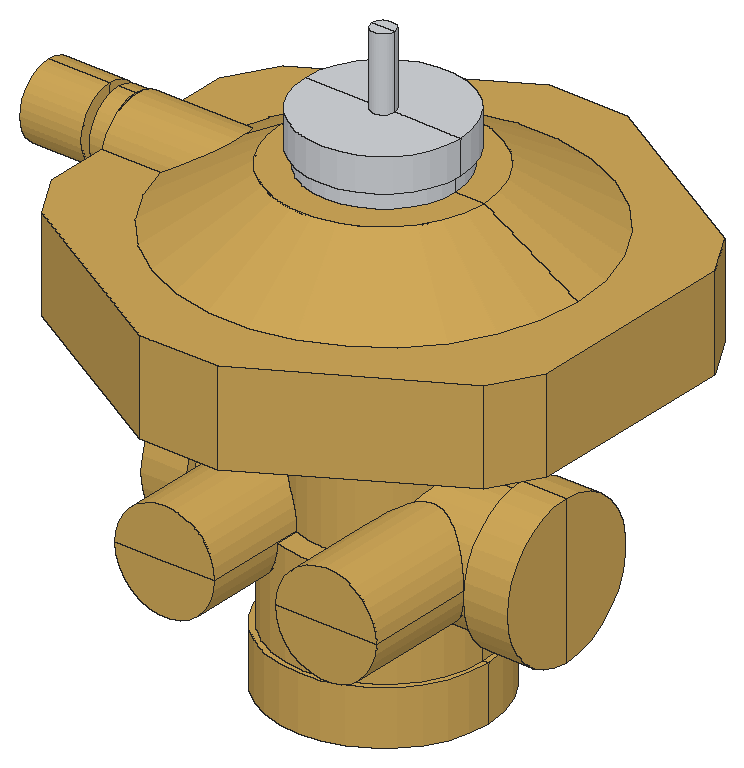
Revit family "Differential Pressure Control Valve 4002 FIX TS 23kPa", category Rohrzubehör, Revit 2018
Family settings
  Bemaßung runder Anschluss = Durchmesser verwenden
  Teiletyp = Unterbricht
  OmniClass-Nummer = 23.65.55.14
  OmniClass-Titel = Valves for Liquid Services
  Arbeitsebenenbasiert = Nein
  Immer vertikal = Ja
  Beim Laden mit Abzugskörper schneiden = Nein
  Gemeinsam genutzt = Nein
Parameters (values of type "without insulation")
  y2 [instance] = K14 + K9 + H01  # 45.649 mm
  y1 [instance] = (R03 * 2) + R05  # 66.000 mm
  k25 = 9.000 mm
  k24 = 13.000 mm
  k23 = 6.000 mm
  k22 = 22.000 mm
  k21 = 13.000 mm
  k20 = 14.000 mm
  k19 = 2.000 mm
  Model = "The differential pressure controller is a straight-version linear controller and works without auxiliary\r\npower. The fixed nominal differential pressure is 23 kPa.\r\nA capillary (1000 mm) is included and should be connected to the circuit regulating valve in the supply line."
  Min. operating temperature (anti freeze) = -20 °C  # constant formula
  Max. operating temperature up to DN32 = 130 °C  # constant formula
  Max. operating temperature from DN40 = 110 °C  # constant formula
  Max. differential pressure on the body = 400000.0 Pa  # constant formula
  Max. operating pressure = 1600000.0 Pa  # constant formula
  Valve shaft = "stainless steel 14301"  # constant formula
  VRL01 [instance] = 30.000 mm  # constant formula
  V12 = 17.000 mm  # constant formula
  V10 = 16.000 mm  # constant formula
  V09 [instance] = 11.000 mm  # constant formula
  V08 [instance] = G01 + 3.000 mm  # 16.220 mm
  V03 [instance] = G01 + 5.000 mm  # 18.220 mm
  V02 [instance] = V01 + 4.500 mm  # 12.000 mm
  V01 [instance] = Nennweite / 2  # 7.500 mm
  URL = "www.herzvalves.com"
  SCRNSEQ = "ARM;ARM_TYP=\"DIFR\";2"
  SCRNCODE = "05;03;4"  # constant formula
  S07 = 10.000 mm  # constant formula
  S05 [instance] = S01 - 1.000 mm  # 13.850 mm
  S04 [instance] = S02 - 1.000 mm  # 18.000 mm
  S03 [instance] = size_lookup("4002_FIX_TS_23", "S03", 26.500 mm, Nennweite)  # 25.600 mm
  S02 [instance] = size_lookup("4002_FIX_TS_23", "S02", 19.000 mm, Nennweite)  # 19.000 mm
  S01 [instance] = size_lookup("4002_FIX_TS_23", "S01", 14.850 mm, Nennweite)  # 14.850 mm
  Regulator connection nut = "brass CW614N"  # constant formula
  Control range = "FIX 23kPa"  # constant formula
  R06 [instance] = size_lookup("4002_FIX_TS_23", "R06", 14.500 mm, Nennweite)  # 14.500 mm
  R05 [instance] = size_lookup("4002_FIX_TS_23", "R05", 41.000 mm, Nennweite)  # 50.000 mm
  R04 [instance] = size_lookup("4002_FIX_TS_23", "R04", 12.500 mm, Nennweite)  # 12.500 mm
  R03 [instance] = size_lookup("4002_FIX_TS_23", "R03", 8.000 mm, Nennweite)  # 8.000 mm
  R02 = 14.500 mm  # constant formula
  R01 [instance] = size_lookup("4002_FIX_TS_23", "R01", 11.500 mm, Nennweite)  # 11.500 mm
  Min. operating temperature (pure water) = 2 °C  # constant formula
  O-Rings = "EPDM"  # constant formula
  Nennweite [instance] = 15.000 mm
  Membrane body = "brass CW602N"  # constant formula
  Membrane = "EPDM"  # constant formula
  Medium = "Water purity in accordance with the ÖNORM H 5195 and VDI 2035 standards.\r\nEthylene and propylene glycol can be mixed to a ratio of 25 - 50 vol. [%]"
  L07 [instance] = size_lookup("4002_FIX_TS_23", "L07", 33.000 mm, Nennweite)  # 33.000 mm
  L06 = 7.000 mm  # constant formula
  L [instance] = size_lookup("4002_FIX_TS_23", "L", 66.000 mm, Nennweite)  # 66.000 mm
  K9 = 4.000 mm  # constant formula
  K8 = 55.000 mm  # constant formula
  K7 = 8.700 mm  # constant formula
  K6 = 11.700 mm  # constant formula
  K5 = 13.000 mm  # constant formula
  K4 = 12.000 mm  # constant formula
  K3 = 15.000 mm  # constant formula
  K2 = 2.350 mm  # constant formula
  K18 = 89.000 mm  # constant formula
  K17 = 66.700 mm  # constant formula
  K16 = 3.000 mm  # constant formula
  K15 = 26.649 mm  # constant formula
  K14 = 16.649 mm  # constant formula
  K13 = 16.649 mm  # constant formula
  K12 = 10.000 mm  # constant formula
  K11 = 35.000 mm  # constant formula
  K10 = 18.250 mm  # constant formula
  K1.1 = 2.350 mm  # constant formula
  K1 = 7.651 mm - 1.000 mm  # 6.651 mm
  J9 = 15.700 mm  # constant formula
  J8 = 7.850 mm  # constant formula
  J7 = 15.897 mm  # constant formula
  J6 = 3.900 mm  # constant formula
  J5 = 6.500 mm  # constant formula
  J4 = 1.500 mm  # constant formula
  J3 = 3.200 mm  # constant formula
  J2 = 11.000 mm  # constant formula
  J11 = 3.500 mm  # constant formula
  J10 = 18.897 mm  # constant formula
  J1 = 6.500 mm  # constant formula
  Hersteller = "HERZ-Armaturen Ges.m.b.H"  # constant formula
  H2 [instance] = size_lookup("4002_FIX_TS_23", "H2", 28.000 mm, Nennweite)  # 28.000 mm
  H1 [instance] = K1 + K2 + K3 + K4 + K5 + K7 + K8 + K16 + 16.650 mm  # 132.351 mm
  H04 = 4.000 mm  # constant formula
  H03 = 9.800 mm  # constant formula
  H02 [instance] = size_lookup("4002_FIX_TS_23", "H02", 53.000 mm, Nennweite)  # 53.000 mm
  H01 [instance] = size_lookup("4002_FIX_TS_23", "H01", 25.000 mm, Nennweite)  # 25.000 mm
  Body = "DZR brass CC770S"  # constant formula
  G01 [instance] = size_lookup("4002_FIX_TS_23", "G01", 13.220 mm, Nennweite)  # 13.220 mm
  Materials = "Ammonia contained in hemp can damage brass valve bodies, EPDM gaskets can be affected by\r\nmineral oil lubricants and thus lead to failure of the EPDM seals. Please refer to manufacturers\r\ndocumentation when using ethylene glycol products for frost and corrosion protection."
  Dämmung = no
  Insulation shell = "EPP (expanded polypropylen)"  # constant formula
  Compression spring = "spring steel, rust and acid persistent"  # constant formula
  DN50 [instance] = Nennweite = 50.000 mm  # no
  DN40 [instance] = Nennweite = 40.000 mm  # no
  DN32-40 [instance] = or(Nennweite = 32.000 mm, Nennweite = 40.000 mm)  # no
  DN32 [instance] = Nennweite = 32.000 mm  # no
  DN25 [instance] = Nennweite = 25.000 mm  # no
  DN20 [instance] = Nennweite = 20.000 mm  # no
  DN15-25 [instance] = or(Nennweite = 15.000 mm, Nennweite = 20.000 mm, Nennweite = 25.000 mm)  # yes
  DN15,20,25,32,50 [instance] = or(Nennweite = 15.000 mm, Nennweite = 20.000 mm, Nennweite = 25.000 mm, Nennweite = 32.000 mm, Nennweite = 50.000 mm)  # yes
  DN15 [instance] = Nennweite = 15.000 mm  # yes
  D07 [instance] = if(Nennweite = 15.000 mm, 32.000 mm, if(Nennweite = 20.000 mm, 33.000 mm, if(Nennweite = 25.000 mm, 33.000 mm, if(Nennweite = 32.000 mm, 49.000 mm, if(Nennweite = 40.000 mm, 57.560 mm, if(Nennweite = 50.000 mm, 57.560 mm, 0.000 mm))))))  # 32.000 mm
  D06 [instance] = if(Nennweite = 15.000 mm, 32.000 mm, if(Nennweite = 20.000 mm, 33.000 mm, if(Nennweite = 25.000 mm, 33.000 mm, if(Nennweite = 32.000 mm, 49.000 mm, if(Nennweite = 40.000 mm, 57.560 mm, if(Nennweite = 50.000 mm, 57.560 mm, 0.000 mm))))))  # 32.000 mm
  D05 [instance] = if(Nennweite = 15.000 mm, 36.750 mm, if(Nennweite = 20.000 mm, 40.700 mm, if(Nennweite = 25.000 mm, 49.200 mm, if(Nennweite = 32.000 mm, 54.150 mm, if(Nennweite = 40.000 mm, 60.750 mm, if(Nennweite = 50.000 mm, 72.700 mm, 0.000 mm))))))  # 36.750 mm
  D04 [instance] = if(Nennweite = 15.000 mm, 78.500 mm, if(Nennweite = 20.000 mm, 82.000 mm, if(Nennweite = 25.000 mm, 84.000 mm, if(Nennweite = 32.000 mm, 120.000 mm, if(Nennweite = 40.000 mm, 130.000 mm, if(Nennweite = 50.000 mm, 130.500 mm, 0.000 mm))))))  # 78.500 mm
  D03 [instance] = if(Nennweite = 15.000 mm, 96.000 mm, if(Nennweite = 20.000 mm, 110.000 mm, if(Nennweite = 25.000 mm, 112.000 mm, if(Nennweite = 32.000 mm, 152.000 mm, if(Nennweite = 40.000 mm, 170.000 mm, if(Nennweite = 50.000 mm, 179.000 mm, 0.000 mm))))))  # 96.000 mm
  D02 [instance] = size_lookup("4002_FIX_TS_23", "R05", 41.000 mm, Nennweite)  # 50.000 mm
  D01 [instance] = size_lookup("4002_FIX_TS_23", "G01", 13.220 mm, Nennweite)  # 13.220 mm
  Bestellnummer Dämmung [instance] = if(and(Dämmung, Nennweite = 15.000 mm), 1409611, if(and(Dämmung, Nennweite = 20.000 mm), 1409612, if(and(Dämmung, Nennweite = 25.000 mm), 1409613, if(and(Dämmung, Nennweite = 32.000 mm), 1409614, if(and(Dämmung, Nennweite = 40.000 mm), 1409615, if(and(Dämmung, Nennweite = 50.000 mm), 1409616, 0))))))  # 0
  Bestellnummer [instance] = size_lookup("4002_FIX_TS_23", "Artnr", 0, Nennweite)  # 1400281
  B2 [instance] = size_lookup("4002_FIX_TS_23", "B2", 31.000 mm, Nennweite)  # 31.000 mm
  B1 [instance] = size_lookup("4002_FIX_TS_23", "B1", 26.000 mm, Nennweite)  # 26.000 mm
  B04 = 100.649 mm  # constant formula
  B03 = 44.500 mm  # constant formula
  B02 = 104.688 mm  # constant formula
  B01 = 10.000 mm  # constant formula
  Application = "Differential pressure controllers are used to stabilize the differential pressure in heating and cooling circuits and ensure the\r\nindependence of the loads from dynamic pressure fluctuations in the system."
  Connection nipple = "brass CW602N"  # constant formula
  Connection thread for the drive = "brass CW602N"  # constant formula
Types (3, lengths in mm): name | y2 | y1 | Model | V08 | V03 | V02 | V01 | S05 | S04 | S03 | S02 | S01 | R05 | R04 | R03 | R01 | Nennweite | Medium | L07 | L | H2 | H02 | H01 | G01 | Materials | Dämmung | DN50 | DN15-25 | DN15 | D07 | D06 | D05 | D04 | D03 | D02 | D01 | Bestellnummer Dämmung | Bestellnummer | B2 | B1
  (no name) | 45.649 | 66.000 | "The differential pressure controller is a straight-version linear controller and works without auxiliary\r\npower. The fixed nominal differential pressure is 23 kPa.\r\nA capillary (1000 mm) is included and should be connected to the circuit regulating valve in the supply line." | 16.220 | 18.220 | 12.000 | 7.500 | 13.850 | 18.000 | 25.600 | 19.000 | 14.850 | 50.000 | 12.500 | 8.000 | 11.500 | 15.000 | "Water purity in accordance with the ÖNORM H 5195 and VDI 2035 standards.\r\nEthylene and propylene glycol can be mixed to a ratio of 25 - 50 vol. [%]" | 33.000 | 66.000 | 28.000 | 53.000 | 25.000 | 13.220 | "Ammonia contained in hemp can damage brass valve bodies, EPDM gaskets can be affected by\r\nmineral oil lubricants and thus lead to failure of the EPDM seals. Please refer to manufacturers\r\ndocumentation when using ethylene glycol products for frost and corrosion protection." | no | no | yes | yes | 32.000 | 32.000 | 36.750 | 78.500 | 96.000 | 50.000 | 13.220 | 0 | 1400281 | 31.000 | 26.000
  with insulation | 72.649 | 140.000 | "The differential pressure controller is a straight-version linear controller and works without auxiliary\r\npower. The fixed nominal differential pressure is 23 kPa.\r\nA capillary (1000 mm) is included and should be connected to the circuit regulating valve in the\r\nflow." | 38.000 | 40.000 | 29.500 | 25.000 | 25.000 | 27.000 | 37.700 | 28.000 | 26.000 | 104.000 | 14.500 | 18.000 | 37.600 | 50.000 | "Water purity in accordance with the ÖNORM H 5195 and VDI 2035 standards\r\nEthylene and propylene glycol can be mixed to a ratio of 25 - 50 vol. [%]" | 70.000 | 140.000 | 58.000 | 107.000 | 52.000 | 35.000 | "Ammonia contained in hemp can damage brass valve bodies, EPDM gaskets can be affected by\r\nMineral oils lubricants and thus lead to failure of the EPDM seals. Please refer to manufacturers\r\ndocumentation when using ethylene glycol products for frost and corrosion protection." | yes | yes | no | no | 57.560 | 57.560 | 72.700 | 130.500 | 179.000 | 104.000 | 35.000 | 1409616 | 1400286 | 41.000 | 41.000
  without insulation | 45.649 | 66.000 | "The differential pressure controller is a straight-version linear controller and works without auxiliary\r\npower. The fixed nominal differential pressure is 23 kPa.\r\nA capillary (1000 mm) is included and should be connected to the circuit regulating valve in the supply line." | 16.220 | 18.220 | 12.000 | 7.500 | 13.850 | 18.000 | 25.600 | 19.000 | 14.850 | 50.000 | 12.500 | 8.000 | 11.500 | 15.000 | "Water purity in accordance with the ÖNORM H 5195 and VDI 2035 standards.\r\nEthylene and propylene glycol can be mixed to a ratio of 25 - 50 vol. [%]" | 33.000 | 66.000 | 28.000 | 53.000 | 25.000 | 13.220 | "Ammonia contained in hemp can damage brass valve bodies, EPDM gaskets can be affected by\r\nmineral oil lubricants and thus lead to failure of the EPDM seals. Please refer to manufacturers\r\ndocumentation when using ethylene glycol products for frost and corrosion protection." | no | no | yes | yes | 32.000 | 32.000 | 36.750 | 78.500 | 96.000 | 50.000 | 13.220 | 0 | 1400281 | 31.000 | 26.000
Reference planes
  plane 1 "Mitte (Vorne/hinten)": y = 0
  plane 2: z = 0
  plane 3 "Mitte (Links/rechts)": x = 0
Forms (mm)
  Revolve 1, solid, material "Messing, weicher Gelbton, geschweißt", detail levels fine
    sketch origin (0, 0, 0) x (1, 0, 0) y (0, 0, 1)
      loop
        line (-33, 0) -> (33, 0) -> (33, 13.22) -> (25, 13.22) -> (25, 11.5) -> (-25, 11.5) -> (-25, 13.22) -> (-33, 13.22) -> (-33, 0)
      axis (-33, 0) -> (33, 0)
    angle from 0 to 360
  Revolve 2, solid, material "Messing, weicher Gelbton, geschweißt", detail levels fine
    sketch origin (0, 0, 0) x (1, 0, 0) y (0, 0, 1)
      loop
        line (0, -28) -> (0, 0) -> (-18, 0) -> (-18, -18.2) -> (-19, -18.2) -> (-19, -28) -> (0, -28)
      axis (0, 0) -> (0, -28)
    angle from 0 to 360
  Extrusion 3, solid, material "Messing, weicher Gelbton, geschweißt", detail levels fine
    sketch origin (0, 0, 0) x (0, -1, 0) y (1, 0, 0)
      loop
        line (-46, -7.038) -> (-27.114, -39.75) -> (-18.886, -44.5) -> (18.886, -44.5) -> (27.114, -39.75) -> (46, -7.038) -> (46, 7.038) -> (27.114, 39.75) -> (18.886, 44.5) -> (-18.886, 44.5) -> (-27.114, 39.75) -> (-46, 7.038) -> (-46, -7.038)
    from 29 to 45.649
  Revolve 4, solid, material "Messing, weicher Gelbton, geschweißt", detail levels fine
    sketch origin (0, 0, -7.051) x (1, 0, 0) y (0, 0, 1)
      loop
        line (0, 52.7) -> (0, 62.7) -> (-18.25, 62.7) -> (-35, 52.7) -> (0, 52.7)
      axis (0, 62.7) -> (0, 52.7)
    angle from 0 to 360
  Revolve 5, solid, material "Messing, weicher Gelbton, geschweißt", visible <- "DN15-25", detail levels fine
    sketch origin (-11, 0, 0) x (1, 0, 0) y (0, 1, 0)
      loop
        line (-1.5, 26) -> (-9.2, 26) -> (-9.2, 0) -> (-1.5, 0) -> (-1.5, 26)
      axis (-1.5, 0) -> (-1.5, 26)
    angle from 0 to 360
  Revolve 6, solid, material "Messing, weicher Gelbton, geschweißt", detail levels fine
    sketch origin (-0.988, 0, -6.853) x (-1, 0, 0) y (0, 0, 1)
      loop
        line (43.5, 51.75) -> (59.2, 51.75) -> (59.2, 58.25) -> (48.2, 58.25) -> (48.2, 55.65) -> (46.7, 55.65) -> (46.7, 58.25) -> (43.5, 58.25) -> (43.5, 51.75)
      axis (43.5, 51.75) -> (59.2, 51.75)
    angle from 0 to 360
  Extrusion 7, solid, material "Messing, weicher Gelbton, geschweißt", detail levels fine
    sketch origin (0, 0, 0) x (0, 1, 0) y (0, 0, -1)
      loop
        line (7.85, -43.547) -> (7.85, -32.5) -> (-7.85, -32.5) -> (-7.85, -43.547)
        arc (-7.85, -43.547) -> (0, -51.397) -> (7.85, -43.547) r 7.85
    from 0 to 44.5
  Revolve 8, solid, material "Messing, weicher Gelbton, geschweißt", visible <- "DN15-25", detail levels fine
    sketch origin (-2, 0, 0) x (1, 0, 0) y (0, 1, 0)
      loop
        line (-12.5, 0) -> (-21.5, 0) -> (-21.5, -31) -> (-12.5, -31) -> (-12.5, 0)
      axis (-12.5, 0) -> (-12.5, -31)
    angle from 0 to 360
  Revolve 9, solid, material "Messing, weicher Gelbton, geschweißt", visible <- "DN15-25", detail levels fine
    sketch origin (2, 0, 0) x (1, 0, 0) y (0, 1, 0)
      loop
        line (12.5, 0) -> (12.5, -31) -> (21.6, -31) -> (21.6, 0) -> (12.5, 0)
      axis (12.5, 0) -> (12.5, -31)
    angle from 0 to 360
  Extrusion 10, solid, material "Messing, weicher Gelbton, geschweißt", visible <- "DN32", detail levels fine
    sketch origin (-31.5, 0, 0) x (1, 0, 0) y (0, 1, 0)
      loop
        circle (63, 0) r 6.578
      loop
        circle (63, 0) r 3.28
    from -47 to 0
  Extrusion 11, solid, material "Messing, weicher Gelbton, geschweißt", visible <- "DN32", detail levels fine
    sketch origin (31.5, 0, 0) x (-1, 0, 0) y (0, -1, 0)
      loop
        circle (63, 0) r 6.578
      loop
        circle (63, 0) r 3.28
    from -47 to 0
  Revolve 12, solid, material "Messing, weicher Gelbton, geschweißt", detail levels fine
    sketch origin (0, 0, 0) x (1, 0, 0) y (0, 0, 1)
      loop
        line (-13.85, 0) -> (0, 0) -> (0, 29) -> (-9.85, 29) -> (-9.85, 25) -> (-14.85, 25) -> (-14.85, 15.2) -> (-13.85, 15.2) -> (-13.85, 0)
      axis (0, 29) -> (0, 0)
    angle from 0 to 360
  Extrusion 13, solid, material "Messing, weicher Gelbton, geschweißt", visible <- "DN40", detail levels fine
    sketch origin (29.382, 0, 0) x (-1, 0, 0) y (0, -1, 0)
      loop
        circle (63, 0) r 6.578
      loop
        circle (63, 0) r 3.28
    from -58 to 0
  Extrusion 14, solid, material "Messing, weicher Gelbton, geschweißt", visible <- "DN40", detail levels fine
    sketch origin (-29.455, 0, 0) x (1, 0, 0) y (0, 1, 0)
      loop
        circle (63, 0) r 6.578
      loop
        circle (63, 0) r 3.28
    from -58 to 0
  Extrusion 15, solid, material "Messing, weicher Gelbton, geschweißt", visible <- "DN50", detail levels fine
    sketch origin (28.422, 0, 0) x (-1, 0, 0) y (0, -1, 0)
      loop
        circle (63, 0) r 6.578
      loop
        circle (63, 0) r 3.28
    from -58 to 0
  Extrusion 16, solid, material "Messing, weicher Gelbton, geschweißt", visible <- "DN50", detail levels fine
    sketch origin (-28.422, 0, 0) x (1, 0, 0) y (0, 1, 0)
      loop
        circle (63, 0) r 6.578
      loop
        circle (63, 0) r 3.28
    from -58 to 0
  Revolve 17, solid, material "Messing, weicher Gelbton, geschweißt", visible <- "DN32-40", detail levels fine
    sketch origin (-11, 0, 0) x (1, 0, 0) y (0, 1, 0)
      loop
        line (-1.5, -26) -> (-1.5, 0) -> (-9.2, 0) -> (-9.2, -26) -> (-1.5, -26)
      axis (-1.5, 0) -> (-1.5, -26)
    angle from 0 to 360
  Revolve 18, solid, material "Messing, weicher Gelbton, geschweißt", not visible, detail levels fine
    sketch origin (10.652, 0, 0) x (-1, 0, 0) y (0, 0, 1)
      loop
        line (43.652, 0) -> (73.652, 0) -> (73.652, 7.5) -> (56.652, 7.5) -> (56.652, 12) -> (47.652, 12) -> (47.652, 18.22) -> (40.652, 18.22) -> (40.652, 16.22) -> (35.652, 16.22) -> (35.652, 13.22) -> (43.652, 13.22) -> (43.652, 0)
      axis (35.652, 0) -> (73.652, 0)
    angle from 0 to 360
  Revolve 19, solid, material "Messing, weicher Gelbton, geschweißt", not visible, detail levels fine
    sketch origin (-9.448, 0, 0) x (1, 0, 0) y (0, 0, 1)
      loop
        line (42.448, 0) -> (72.448, 0) -> (72.448, 7.5) -> (55.448, 7.5) -> (55.448, 12) -> (46.448, 12) -> (46.448, 18.22) -> (39.448, 18.22) -> (39.448, 16.22) -> (34.448, 16.22) -> (34.448, 13.22) -> (42.448, 13.22) -> (42.448, 0)
      axis (34.448, 0) -> (72.448, 0)
    angle from 0 to 360
  Revolve 20, solid, detail levels fine
    sketch origin (0, 0, 0) x (1, 0, 0) y (0, 0, 1)
      loop
        line (0, 55.649) -> (0, 77.649) -> (-2, 77.649) -> (-2, 64.649) -> (-14, 64.649) -> (-14, 58.649) -> (-13, 58.649) -> (-13, 55.649) -> (0, 55.649)
      axis (0, 77.649) -> (0, 55.649)
    angle from 0 to 360
  Revolve 21, solid, material "Kunststoff-Anthrazit/Schwarz", visible <- "Dämmung", detail levels fine
    sketch origin (0, 0, 0) x (1, 0, 0) y (0, 0, 1)
      loop
        line (48, 32) -> (-48, 32) -> (-48, 13.22) -> (-25, 13.22) -> (-25, 0) -> (0, 0) -> (25, 0) -> (25, 13.22) -> (48, 13.22) -> (48, 32)
      axis (-48, 0) -> (48, 0)
    angle from 0 to 360
  Revolve 22, solid, material "Kunststoff-Anthrazit/Schwarz", visible <- "Dämmung", detail levels fine
    sketch origin (0, 0, 0) x (1, 0, 0) y (0, 0, 1)
      loop
        line (0, -46.5) -> (36.75, -46.5) -> (36.75, 32) -> (0, 32) -> (0, -46.5)
      axis (0, 32) -> (0, -46.5)
    angle from 0 to 360
  Extrusion 23, void
    sketch origin (-283.267, -47.5, 0) x (1, 0, 0) y (0, 1, 0)
      loop
        line (192.065, -46.754) -> (378.267, -46.754) -> (378.267, 136.9) -> (192.065, 136.9) -> (192.065, -46.754)
    from 29 to 45.649
  Extrusion 24, void
    sketch origin (-265.832, -47.5, 0) x (1, 0, 0) y (0, 1, 0)
      loop
        line (148.665, -27.107) -> (383, -27.107) -> (383, 142.5) -> (148.665, 142.5) -> (148.665, -27.107)
    from 29 to 45.649
Cuts and joins
  Extrusion 23 cuts Revolve 21
  Extrusion 24 cuts Revolve 22
Lines and regions (mm)
  model lines, detail levels coarse+medium
    curve 1: line (33, -13.22, 0) -> (33, 13.22, 0)
    curve 2: line (33, 13.22, 0) -> (-33, -13.22, 0)
    curve 3: line (-33, -13.22, 0) -> (-33, 13.22, 0)
    curve 4: line (-33, 13.22, 0) -> (33, -13.22, 0)
    curve 5: line (0, -15, 0) -> (0, -29, 0)
    curve 6: spline (-44.5, -37.324, 0) -> (-42.984, -35.17, 0) -> (-38.538, -33.162, 0) -> (-31.466, -31.438, 0) -> (-22.25, -30.115, 0) -> (-11.517, -29.284, 0) -> (0, -29, 0) -> (11.517, -29.284, 0) -> (22.25, -30.115, 0) -> (31.466, -31.438, 0) -> (38.538, -33.162, 0) -> (42.984, -35.17, 0) -> (44.5, -37.325, 0) -> (42.984, -39.479, 0) -> (38.538, -41.487, 0) -> (31.466, -43.211, 0) -> (22.25, -44.534, 0) -> (11.517, -45.365, 0) -> (0, -45.649, 0) -> (-11.517, -45.365, 0) -> (-22.25, -44.534, 0) -> (-31.466, -43.211, 0) -> (-38.538, -41.487, 0) -> (-42.984, -39.479, 0) -> (-44.5, -37.324, 0)
    curve 7: line (-33, 0, 13.22) -> (-33, 0, -13.22)
    curve 8: line (-33, 0, -13.22) -> (33, 0, 13.22)
    curve 9: line (33, 0, 13.22) -> (33, 0, -13.22)
    curve 10: line (33, 0, -13.22) -> (-33, 0, 13.22)
    curve 11: line (0, 0, 13.22) -> (0, 0, 29)
    curve 12: spline (-44.5, 0, 37.325) -> (-42.984, 0, 39.479) -> (-38.538, 0, 41.487) -> (-31.466, 0, 43.211) -> (-22.25, 0, 44.534) -> (-11.517, 0, 45.365) -> (0, 0, 45.649) -> (11.517, 0, 45.365) -> (22.25, 0, 44.534) -> (31.466, 0, 43.211) -> (38.538, 0, 41.487) -> (42.984, 0, 39.479) -> (44.5, 0, 37.324) -> (42.984, 0, 35.17) -> (38.538, 0, 33.162) -> (31.466, 0, 31.438) -> (22.25, 0, 30.115) -> (11.517, 0, 29.284) -> (0, 0, 29) -> (-11.517, 0, 29.284) -> (-22.25, 0, 30.115) -> (-31.466, 0, 31.438) -> (-38.538, 0, 33.162) -> (-42.984, 0, 35.17) -> (-44.5, 0, 37.325)
    curve 13: line (0, 0, 13.22) -> (16.5, 0, 6.61)
    curve 14: line (0, 0, 13.22) -> (-16.5, 0, 6.61)
    curve 15: line (33, 0, 0) -> (63, 0, 0)
    curve 16: line (-33, 0, 0) -> (-63, 0, 0)
    curve 17: line (0, -15, 0) -> (-22.716, -9.1, 0)
    curve 18: line (0, -15, 0) -> (22.716, -9.1, 0)
    curve 19: line (33, 0, 13.22) -> (33, 0, -13.22)
    curve 20: line (33, 0, 13.22) -> (43, 0, 13.22)
    curve 21: line (43, 0, 13.22) -> (33, 0, 0)
    curve 22: line (43, 0, -13.22) -> (33, 0, 0)
    curve 23: line (33, 0, -13.22) -> (43, 0, -13.22)
    curve 24: line (-33, 0, 13.22) -> (-33, 0, -13.22)
    curve 25: line (-33, 0, 13.22) -> (-43, 0, 13.22)
    curve 26: line (-43, 0, 13.22) -> (-33, 0, 0)
    curve 27: line (-43, 0, -13.22) -> (-33, 0, 0)
    curve 28: line (-33, 0, -13.22) -> (-43, 0, -13.22)
    curve 29: line (-33, 13.22, 0) -> (-43, 13.22, 0)
    curve 30: line (-43, 13.22, 0) -> (-33, 0, 0)
    curve 31: line (-33, -13.22, 0) -> (-43, -13.22, 0)
    curve 32: line (-43, -13.22, 0) -> (-33, 0, 0)
    curve 33: line (33, -13.22, 0) -> (33, 13.22, 0)
    curve 34: line (33, 13.22, 0) -> (43, 13.22, 0)
    curve 35: line (43, 13.22, 0) -> (33, 0, 0)
    curve 36: line (33, -13.22, 0) -> (43, -13.22, 0)
    curve 37: line (43, -13.22, 0) -> (33, 0, 0)
Dimensions and locks
  "G01": Revolve 1 sketch curve to Revolve 1 sketch curve  (x2)
  "R01": Revolve 1 sketch curve to Revolve 1 sketch curve
  "R03": Revolve 1 sketch curve to Revolve 1 sketch curve  (x2)
  "K10": Revolve 4 sketch curve to Revolve 4 sketch curve
  "K11": Revolve 4 sketch curve to Revolve 4 sketch curve
  "B1": Revolve 5 sketch curve to Revolve 5 sketch curve
  "J1": Revolve 6 sketch curve to Revolve 6 sketch curve
  "J3": Revolve 6 sketch curve to Revolve 6 sketch curve
  "J4": Revolve 6 sketch curve to Revolve 6 sketch curve
  "J2": Revolve 6 sketch curve to Revolve 6 sketch curve
  "J5": Revolve 6 sketch curve to Revolve 6 sketch curve
  "J6": Revolve 6 sketch curve to Revolve 6 sketch curve
  "H2": plane 2 to Revolve 2 sketch curve
  "H03": Revolve 2 sketch curve to Revolve 2 sketch curve
  "S02": plane 3 "Mitte (Links/rechts)" to Revolve 2 sketch curve
  "B02": Revolve 6 to Extrusion 3
  "B03": Extrusion 3 to plane 3 "Mitte (Links/rechts)"
  "R04": Revolve 5 sketch curve to plane 3 "Mitte (Links/rechts)"
  "K12": Revolve 4 sketch curve to Revolve 4 sketch curve
  "K13": Revolve 4 sketch curve to Extrusion 3
  "K14": Extrusion 3 to Extrusion 3
  "R05": Revolve 1 sketch curve to Revolve 1 sketch curve
  plane 3 "Mitte (Links/rechts)" to Revolve 1 sketch curve = 33.000 mm
  Revolve 1 sketch curve to plane 3 "Mitte (Links/rechts)" = 33.000 mm
  equal spacing: Revolve 1 sketch curve, plane 3 "Mitte (Links/rechts)", Revolve 1 sketch curve
  "B2": plane 1 "Mitte (Vorne/hinten)" to Revolve 8 sketch curve
  "B2": Revolve 9 sketch curve to plane 1 "Mitte (Vorne/hinten)"
  "R06": Revolve 8 sketch curve to plane 3 "Mitte (Links/rechts)"
  "R06": plane 3 "Mitte (Links/rechts)" to Revolve 9 sketch curve
  "S01": Revolve 12 sketch curve to plane 3 "Mitte (Links/rechts)"
  "S05": plane 3 "Mitte (Links/rechts)" to Revolve 12 sketch curve
  "H04": Revolve 12 sketch curve to Revolve 12 sketch curve
  "H03": Revolve 12 sketch curve to Revolve 12 sketch curve
  "H01": Revolve 12 sketch curve to plane 2
  "K9": Extrusion 3 to Revolve 12
  Revolve 2 sketch curve to Revolve 2 sketch curve = 1.000 mm
  "J7": Revolve 6 sketch curve to Extrusion 3
  "J9": Extrusion 7 sketch curve to Extrusion 7 sketch curve
  "J10": Revolve 6 to Extrusion 7 sketch curve
  "J11": Extrusion 7 sketch curve to Extrusion 3
  equal spacing: curve 7, curve 6, curve 9
  "K18": Extrusion 3 to Extrusion 3
  equal spacing: curve 7, curve 14, curve 14
  equal spacing: curve 14, curve 13, curve 9
  "G01": curve 10 to plane 2
  "G01": plane 2 to curve 8
  "G01": curve 9 to plane 2
  "G01": plane 2 to curve 10
  "K18": curve 12 to curve 12
  "y1": curve 7 to curve 9
  "G01": curve 14 to plane 2
  "K14": curve 12 to curve 12
  "y2": curve 12 to plane 2
  "G01": plane 1 "Mitte (Vorne/hinten)" to curve 4
  "G01": curve 3 to plane 1 "Mitte (Vorne/hinten)"
  equal spacing: curve 3, curve 12, curve 1
  equal spacing: curve 3, curve 18, curve 1
  "y1": curve 3 to curve 1
  "G01": plane 1 "Mitte (Vorne/hinten)" to curve 2
  "G01": curve 4 to plane 1 "Mitte (Vorne/hinten)"
  "K18": curve 6 to curve 6
  "K14": curve 6 to curve 6
  "y2": curve 6 to plane 1 "Mitte (Vorne/hinten)"
  "B1": Revolve 17 sketch curve to Revolve 17 sketch curve
  "R04": Revolve 17 sketch curve to plane 3 "Mitte (Links/rechts)"
  "R03": Revolve 18 sketch curve to Revolve 18 sketch curve
  "V10": Revolve 18 sketch curve to Revolve 18 sketch curve
  "V12": Revolve 18 sketch curve to Revolve 18 sketch curve
  "VRL01": Revolve 18 sketch curve to Revolve 18 sketch curve
  "V02": Revolve 18 sketch curve to plane 2
  "V01": Revolve 18 sketch curve to plane 2
  "G01": Revolve 18 sketch curve to plane 2
  "V08": Revolve 18 sketch curve to plane 2
  "V03": Revolve 18 sketch curve to plane 2
  "R03": Revolve 19 sketch curve to Revolve 19 sketch curve
  "V10": Revolve 19 sketch curve to Revolve 19 sketch curve
  "V12": Revolve 19 sketch curve to Revolve 19 sketch curve
  "VRL01": Revolve 19 sketch curve to Revolve 19 sketch curve
  "V01": Revolve 19 sketch curve to plane 2
  "V02": Revolve 19 sketch curve to plane 2
  "G01": Revolve 19 sketch curve to plane 2
  "V08": Revolve 19 sketch curve to plane 2
  "V03": Revolve 19 sketch curve to plane 2
  "L07": Revolve 18 to plane 3 "Mitte (Links/rechts)"
  "L07": plane 3 "Mitte (Links/rechts)" to Revolve 19
  "S07": curve 28 to Revolve 18
  "S07": curve 26 to Revolve 18
  "S07": Revolve 19 to curve 21
  "S07": Revolve 19 to curve 23
  "G01": plane 2 to curve 28
  "G01": curve 25 to plane 2
  "G01": curve 20 to plane 2
  "G01": plane 2 to curve 23
  "S07": curve 30 to curve 3
  "S07": curve 32 to curve 3
  "S07": curve 33 to curve 35
  "S07": curve 33 to curve 37
  "k20": Revolve 20 sketch curve to Revolve 20 sketch curve
  "k24": Revolve 20 sketch curve to Revolve 20 sketch curve
  "k23": Revolve 20 sketch curve to Revolve 20 sketch curve
  "k21": Revolve 20 sketch curve to Revolve 20 sketch curve
  "k22": Revolve 20 sketch curve to Revolve 20 sketch curve
  "k19": Revolve 20 sketch curve to Revolve 20 sketch curve
  "k25": Revolve 20 to Revolve 4
  "D07": Revolve 21 sketch curve to plane 2
  "D01": Revolve 21 sketch curve to plane 2  (x2)
  "D02": Revolve 21 sketch curve to Revolve 21 sketch curve
  equal spacing: Revolve 21 sketch curve, plane 3 "Mitte (Links/rechts)", Revolve 21 sketch curve  (x2)
  "D03": Revolve 21 sketch curve to Revolve 21 sketch curve
  "D05": Revolve 22 sketch curve to Revolve 22 sketch curve
  "D04": Revolve 22 sketch curve to Revolve 22 sketch curve
  "D06": Revolve 22 sketch curve to plane 2
  "K14": Extrusion 23 to Extrusion 23
  "K14": Extrusion 23 to Extrusion 3
  "K14": Extrusion 24 to Extrusion 24
  "K14": Extrusion 24 to Extrusion 3
  "J8": radius of Extrusion 7 sketch curve
  aligned and locked: level to plane 2
Automatic sketch dimensions
  plane 3 "Mitte (Links/rechts)" to Extrusion 3 sketch curve = 7.038 mm  (x2)
  Extrusion 3 sketch curve to plane 1 "Mitte (Vorne/hinten)" = 46.000 mm
  Extrusion 3 sketch curve to plane 1 "Mitte (Vorne/hinten)" = 27.114 mm  (x2)
  Extrusion 3 sketch curve to Extrusion 3 sketch curve = 8.227 mm  (x4)
  plane 1 "Mitte (Vorne/hinten)" to Extrusion 3 sketch curve = 18.886 mm  (x2)
  Extrusion 3 sketch curve to Extrusion 3 sketch curve = 18.886 mm
  Extrusion 3 sketch curve to plane 3 "Mitte (Links/rechts)" = 7.038 mm  (x2)
  Extrusion 3 sketch curve to Extrusion 3 sketch curve = 32.712 mm  (x4)
  Extrusion 3 sketch curve to Extrusion 3 sketch curve = 4.750 mm  (x2)
  Extrusion 10 sketch curve to Extrusion 10 sketch curve = 0.000 mm  (x2)
  plane 1 "Mitte (Vorne/hinten)" to Extrusion 10 sketch curve = 0.000 mm
  plane 3 "Mitte (Links/rechts)" to Extrusion 10 sketch curve = 31.500 mm
  Extrusion 11 sketch curve to Extrusion 11 sketch curve = 0.000 mm  (x2)
  plane 1 "Mitte (Vorne/hinten)" to Extrusion 11 sketch curve = 0.000 mm
  plane 3 "Mitte (Links/rechts)" to Extrusion 11 sketch curve = 31.500 mm
  Extrusion 13 sketch curve to Extrusion 13 sketch curve = 0.000 mm  (x2)
  plane 1 "Mitte (Vorne/hinten)" to Extrusion 13 sketch curve = 0.000 mm
  plane 3 "Mitte (Links/rechts)" to Extrusion 13 sketch curve = 33.618 mm
  Extrusion 14 sketch curve to Extrusion 14 sketch curve = 0.000 mm  (x2)
  plane 1 "Mitte (Vorne/hinten)" to Extrusion 14 sketch curve = 0.000 mm
  plane 3 "Mitte (Links/rechts)" to Extrusion 14 sketch curve = 33.545 mm
  Extrusion 15 sketch curve to Extrusion 15 sketch curve = 0.000 mm  (x2)
  plane 1 "Mitte (Vorne/hinten)" to Extrusion 15 sketch curve = 0.000 mm
  plane 3 "Mitte (Links/rechts)" to Extrusion 15 sketch curve = 34.578 mm
  Extrusion 16 sketch curve to Extrusion 16 sketch curve = 0.000 mm  (x2)
  plane 1 "Mitte (Vorne/hinten)" to Extrusion 16 sketch curve = 0.000 mm
  plane 3 "Mitte (Links/rechts)" to Extrusion 16 sketch curve = 34.578 mm
  Extrusion 23 sketch curve to plane 1 "Mitte (Vorne/hinten)" = 89.400 mm
  Extrusion 23 sketch curve to plane 3 "Mitte (Links/rechts)" = 91.202 mm
  Extrusion 23 sketch curve to Extrusion 23 sketch curve = 186.202 mm
  plane 1 "Mitte (Vorne/hinten)" to Extrusion 23 sketch curve = 94.254 mm
  Extrusion 24 sketch curve to plane 1 "Mitte (Vorne/hinten)" = 95.000 mm
  Extrusion 24 sketch curve to plane 3 "Mitte (Links/rechts)" = 117.168 mm
  Extrusion 24 sketch curve to Extrusion 24 sketch curve = 234.335 mm
  plane 1 "Mitte (Vorne/hinten)" to Extrusion 24 sketch curve = 74.607 mm
  curve 16 to level = 0.000 mm
  curve 11 to plane 3 "Mitte (Links/rechts)" = 0.000 mm
  curve 12 to plane 3 "Mitte (Links/rechts)" = 0.000 mm
  curve 15 to level = 0.000 mm
  curve 16 to curve 16 = 30.000 mm
  curve 15 to curve 15 = 30.000 mm
  plane 1 "Mitte (Vorne/hinten)" to curve 30 = 0.000 mm
  plane 1 "Mitte (Vorne/hinten)" to curve 32 = 0.000 mm
  curve 18 to plane 3 "Mitte (Links/rechts)" = 0.000 mm
  curve 6 to plane 3 "Mitte (Links/rechts)" = 0.000 mm
  plane 1 "Mitte (Vorne/hinten)" to curve 35 = 0.000 mm
  plane 1 "Mitte (Vorne/hinten)" to curve 37 = 0.000 mm
  curve 5 to curve 17 = 14.000 mm
  plane 1 "Mitte (Vorne/hinten)" to curve 17 = 9.100 mm
  plane 1 "Mitte (Vorne/hinten)" to curve 18 = 9.100 mm
  Revolve 1 sketch curve to level = 0.000 mm  (x2)
  Revolve 1 sketch curve to Revolve 1 sketch curve = 1473.530 mm
  Revolve 1 sketch curve to Revolve 1 sketch curve = 1806.148 mm
  Revolve 2 sketch curve to level = 0.000 mm
  Revolve 2 sketch curve to plane 3 "Mitte (Links/rechts)" = 0.000 mm  (x2)
  Revolve 2 sketch curve to Revolve 2 sketch curve = 1.000 mm
  Revolve 2 sketch curve to Revolve 2 sketch curve = 334.045 mm
  level to Revolve 2 sketch curve = 2218.015 mm
  Revolve 4 sketch curve to plane 3 "Mitte (Links/rechts)" = 0.000 mm  (x2)
  Revolve 4 sketch curve to level = 373.096 mm
  Revolve 4 sketch curve to Revolve 4 sketch curve = 2155.315 mm
  plane 1 "Mitte (Vorne/hinten)" to Revolve 5 sketch curve = 0.000 mm  (x2)
  Revolve 5 sketch curve to Revolve 5 sketch curve = 0.000 mm  (x2)
  Revolve 5 sketch curve to Revolve 5 sketch curve = 7.700 mm
  plane 3 "Mitte (Links/rechts)" to Revolve 6 sketch curve = 44.488 mm
  Revolve 6 sketch curve to Revolve 6 sketch curve = 0.000 mm  (x3)
  Extrusion 7 sketch curve to plane 1 "Mitte (Vorne/hinten)" = 0.000 mm
  Extrusion 7 sketch curve to Extrusion 7 sketch curve = 11.047 mm
  Extrusion 7 sketch curve to Extrusion 7 sketch curve = 0.000 mm
  plane 1 "Mitte (Vorne/hinten)" to Revolve 8 sketch curve = 0.000 mm  (x2)
  Revolve 8 sketch curve to Revolve 8 sketch curve = 9.000 mm
  Revolve 8 sketch curve to Revolve 8 sketch curve = 0.000 mm  (x2)
  plane 1 "Mitte (Vorne/hinten)" to Revolve 9 sketch curve = 0.000 mm  (x2)
  Revolve 9 sketch curve to Revolve 9 sketch curve = 9.100 mm
  Revolve 9 sketch curve to Revolve 9 sketch curve = 0.000 mm  (x2)
  Revolve 12 sketch curve to level = 0.000 mm  (x2)
  Revolve 12 sketch curve to plane 3 "Mitte (Links/rechts)" = 0.000 mm  (x2)
  Revolve 12 sketch curve to Revolve 12 sketch curve = 5.000 mm
  Revolve 12 sketch curve to Revolve 12 sketch curve = 0.000 mm
  plane 1 "Mitte (Vorne/hinten)" to Revolve 17 sketch curve = 0.000 mm  (x2)
  Revolve 17 sketch curve to Revolve 17 sketch curve = 7.700 mm
  Revolve 17 sketch curve to Revolve 17 sketch curve = 0.000 mm  (x2)
  Revolve 18 sketch curve to level = 0.000 mm  (x2)
  plane 3 "Mitte (Links/rechts)" to Revolve 18 sketch curve = 25.000 mm
  Revolve 18 sketch curve to Revolve 18 sketch curve = 4.000 mm
  Revolve 18 sketch curve to Revolve 18 sketch curve = 0.000 mm  (x2)
  Revolve 19 sketch curve to level = 0.000 mm  (x2)
  plane 3 "Mitte (Links/rechts)" to Revolve 19 sketch curve = 25.000 mm
  Revolve 19 sketch curve to Revolve 19 sketch curve = 4.000 mm
  Revolve 19 sketch curve to Revolve 19 sketch curve = 0.000 mm  (x2)
  curve 26 to level = 0.000 mm
  curve 27 to level = 0.000 mm
  curve 22 to level = 0.000 mm
  curve 21 to level = 0.000 mm
  curve 27 to curve 28 = 10.000 mm
  curve 19 to curve 20 = 10.000 mm
  Revolve 20 sketch curve to plane 3 "Mitte (Links/rechts)" = 0.000 mm  (x2)
  level to Revolve 20 sketch curve = 55.649 mm
  Revolve 20 sketch curve to Revolve 20 sketch curve = 0.000 mm  (x2)
  Revolve 21 sketch curve to level = 0.000 mm  (x2)
  Revolve 21 sketch curve to plane 3 "Mitte (Links/rechts)" = 0.000 mm
  Revolve 21 sketch curve to Revolve 21 sketch curve = 0.000 mm  (x2)
  Revolve 22 sketch curve to plane 3 "Mitte (Links/rechts)" = 0.000 mm  (x2)
  Revolve 22 sketch curve to Revolve 22 sketch curve = 0.000 mm  (x2)
  radius of Extrusion 10 sketch curve = 6.578 mm
  radius of Extrusion 10 sketch curve = 3.280 mm
  radius of Extrusion 11 sketch curve = 6.578 mm
  radius of Extrusion 11 sketch curve = 3.280 mm
  radius of Extrusion 13 sketch curve = 6.578 mm
  radius of Extrusion 13 sketch curve = 3.280 mm
  radius of Extrusion 14 sketch curve = 6.578 mm
  radius of Extrusion 14 sketch curve = 3.280 mm
  radius of Extrusion 15 sketch curve = 6.578 mm
  radius of Extrusion 15 sketch curve = 3.280 mm
  radius of Extrusion 16 sketch curve = 6.578 mm
  radius of Extrusion 16 sketch curve = 3.280 mm
Nested families
  nested 1: "Herz-Logo-vorne" at (-0.018, 17.815, -12.904) x (0, -1, 0) z (0, 0, 1), type "Herz-Logo-vorne", detail levels fine
  nested 2: "Herz-Logo-vorne" at (-0.018, 29.612, 0) x (0, -1, 0) z (0, 0, 1), visible <- "DN32", type "Herz-Logo-vorne", detail levels fine
  nested 3: "Herz-Logo-vorne" at (-0.018, 38.665, 0) x (0, -1, 0) z (0, 0, 1), visible <- "DN40", type "Herz-Logo-vorne", detail levels fine
  nested 4: "Herz-Logo-vorne" at (-0.018, 37.548, 0) x (0, -1, 0) z (0, 0, 1), visible <- "DN50", type "Herz-Logo-vorne", detail levels fine
Connectors
  piping at (-33, 0, 0), diameter 15, driven by "Nennweite"
    settings: on Revolve 1, index 1, connector inside diameter 609.6 mm, connector length 0.000 mm, flow factor 0, pipe flow 0.0 L/s, pressure drop 0.0 Pa, fitting loss kfactor 0, connector angle 0.00°, fixture units 0, engagement length 0.000 mm, angle of deflection 0.00°, flow configuration 0, flow direction 1, fitting loss method 0, system type 7, joint type 0, gender type 0, connector reference index -1, connector utility 0, adjustable connector no, is connector primary yes, connector description ""
  piping at (33, 0, 0), diameter 15, driven by "Nennweite"
    settings: on Revolve 1, index 2, connector inside diameter 609.6 mm, connector length 0.000 mm, flow factor 0, pipe flow 0.0 L/s, pressure drop 0.0 Pa, fitting loss kfactor 0, connector angle 0.00°, fixture units 0, engagement length 0.000 mm, angle of deflection 0.00°, flow configuration 0, flow direction 2, fitting loss method 0, system type 29, joint type 0, gender type 0, connector reference index -1, connector utility 0, adjustable connector no, is connector primary no, connector description ""
Definition of nested family "Herz-Logo-vorne"
  Reference planes
    plane 1 "Mitte (Vorne/hinten)": y = 0
    plane 2: z = 0
    plane 3 "Mitte (Links/rechts)": x = 0
  Forms (mm)
    Extrusion 1, solid
      sketch origin (0.732, -0.018, 0.017) x (0, -1, 0) y (0, 0, 1)
        loop
          line (-0.018, -4.517) -> (4.482, -4.517) -> (4.482, 4.483) -> (-4.518, 4.483) -> (-4.518, -4.517) -> (-0.018, -4.517)
        loop
          line (-0.05, -3.48) -> (3.482, -3.48) -> (3.482, 3.483) -> (-3.518, 3.483) -> (-3.518, -3.48) -> (-0.05, -3.48)
        loop
          arc (-0.018, 2.383) -> (-1.543, 3.287) -> (-3.067, 2.383) r 1.738
          arc (-3.067, 2.383) -> (-3.191, 1.899) -> (-3.067, 1.415) r 1.009
          line (-3.067, 1.415) -> (-0.018, -3.281) -> (3.032, 1.415)
          arc (3.032, 1.415) -> (3.156, 1.899) -> (3.032, 2.383) r 1.009
          arc (3.032, 2.383) -> (1.507, 3.287) -> (-0.018, 2.383) r 1.738
        loop
          arc (1.885, 1.272) -> (2.005, 1.675) -> (1.885, 2.079) r 0.74
          arc (1.885, 2.079) -> (1.265, 2.416) -> (0.644, 2.079) r 0.74
          line (0.644, 2.079) -> (-0.018, 0.97) -> (-0.679, 2.079)
          arc (-0.679, 2.079) -> (-1.3, 2.416) -> (-1.921, 2.079) r 0.74
          arc (-1.921, 2.079) -> (-2.04, 1.675) -> (-1.921, 1.272) r 0.74
          line (-1.921, 1.272) -> (-0.018, -1.658) -> (1.885, 1.272)
      from 0 to 1.5
  Dimensions and locks
    aligned and locked: level to plane 2
